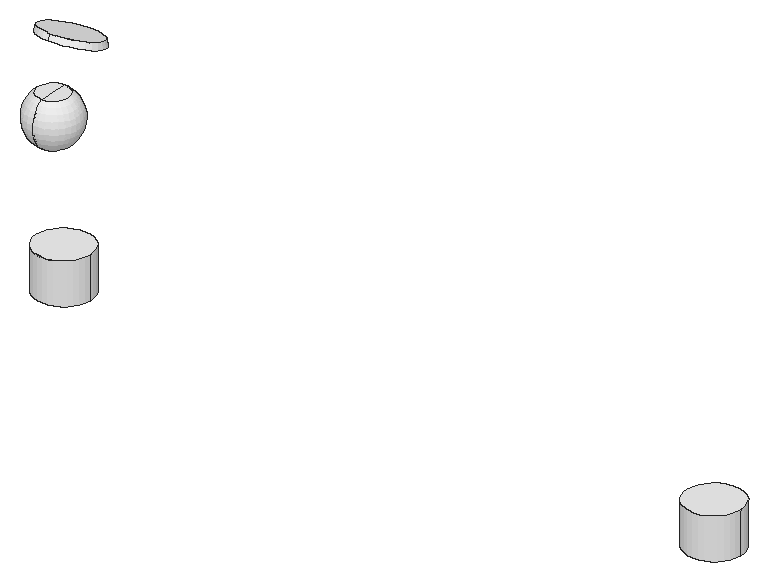
Revit family "Deca_Misturador de mesa para cozinha_Flex_1256.20", category Plumbing Fixtures, host Face, Revit 2019
Family settings
  Host = Face
  Round Connector Dimension = Use Radius
  Part Type = Normal
  Cut with Voids When Loaded = No
  Shared = No
  Room Calculation Point = No
Parameters (values of type "1256.C20_Cromado")
  Vazão na Pressão mín. (L/min) = "5 l/min"
  Vazão na Pressão máx. (L/min) = "19 l/min"
  URL = "www.deca.com.br"
  Tipo de rosca de saída = "-"
  Tipo de rosca de entrada = "BSP NBR 8133"
  Tipo de mecanismo utilizado = "MVC -1/4 volta"
  Tipo de dispositivo economizador = "Não"
  Segmento = "Banheiro Competitivo"
  Saída de Esgoto = "-"
  Raio Água Quente = 7.5 mm  # constant formula
  Raio Água Fria = 7.5 mm  # constant formula
  Pressão mín. funcionamento = "2 MCA"
  Pressão mín. Aquec. Passagem = "-"
  Pressão mín. Aquec. Acúmulo = "-"
  Pressão máx. funcionamento = "40 MCA"
  Peso Líquido (Kg) = 1.281
  Norma = "NBR16749"
  Model = "1256.C20"
  Material = Deca_Cromado
  Manufacturer = "Deca"
  Linha = "Flex"
  Itens de Instalação = "-"
  Informações Complementares = "-"
  Diâmetro Água Quente = Raio Água Quente * 2  # 15 mm
  Diâmetro Água Fria = Raio Água Fria * 2  # 15 mm
  Description = "Misturador de mesa para cozinha"
  Default Elevation = 0 mm
  Código Pai = "1256.20"
  Criado por = "quattroD"
  Cores Componente = "-"
  Cor Secundária = "-"
  Cor Principal = "Cromado"
  Cor Interna = "-"
  Consumo = "-"
  Composição Componente = "-"
  Composição Básica = "Liga de Cobre (bronze e latão),Plásticos de Engenharia,Elastômeros"
  Composição Assento = "-"
  Composição Anel Vedação = "-"
  Categoria = "METAIS PARA COZINHA"
  Atendimento ao Cliente = "0800-0117073"
  Aprovado por = "quattroD"
  Acompanha o Produto = "-"
Reference planes
  plane 1 "Center (Front/Back)": y = 0
  plane 2: z = 0
  plane 3 "Center (Left/Right)": x = 0
Forms (mm)
  SweptBlend 1, solid, material "Deca_Cromado" <- "Material"
    path origin (0, 0, 0) x (0, 1, 0) y (0, 0, 1)
      loop
        line (-122.372, 231.677) -> (-121.768, 233.338)
    profile origin (0, -122.372, 231.677) x (0, -0.939693, 0.34202) y (1, 0, 0)
      loop
        circle (0, 0) r 9.191
    end profile origin (0, -121.768, 233.338) x (0, -0.939693, 0.34202) y (1, 0, 0)
      loop
        circle (0, -0.25) r 8.728
  Revolve 2, solid, material "Deca_Cromado" <- "Material"
    sketch origin (0, 0, 0) x (0, 1, 0) y (0, 0, 1)
      loop
        line (-129.087, 206.286) -> (-129.087, 219.814) -> (-133.68, 219.814)
        arc (-133.68, 219.814) -> (-137.076, 213.05) -> (-133.68, 206.286) r 8.434
        line (-133.68, 206.286) -> (-129.087, 206.286)
      axis (-129.087, 206.286) -> (-129.087, 219.814)
    angle from 0 to 360
  Extrusion 3, solid, material "Deca_Cromado" <- "Material"
    sketch origin (0, 0, 0) x (1, 0, 0) y (0, 1, 0)
      loop
        circle (-100.065, 0) r 8.2
      loop
        circle (100.065, 0) r 8.2
    from 73.5 to 86.04
Lines and regions (mm)
  Masking region 1
    outline origin (0, 0, 0) x (1, 0, 0) y (0, 1, 0)
      loop
        line (11.6, -129.603) -> (11.6, -123.036)
        spline (11.6, -123.036) -> (11.579, -122.384) -> (11.517, -121.734) -> (11.413, -121.088) -> (11.269, -120.45) -> (11.084, -119.82) -> (10.859, -119.203) -> (10.595, -118.599) -> (10.293, -118.011) -> (9.955, -117.44) -> (9.58, -116.891) -> (9.172, -116.363) -> (8.73, -115.859)
        line (8.73, -115.859) -> (8.73, -12) -> (80.967, -12)
        arc (80.967, -12) -> (88.255, -19.191) -> (97.975, -22.409) r 22.5
        line (97.975, -22.409) -> (97.956, -27.424)
        arc (97.956, -27.424) -> (100, -27.5) -> (102.044, -27.424) r 27.5
        line (102.044, -27.424) -> (102.025, -22.409)
        arc (102.025, -22.409) -> (115.91, -15.91) -> (122.409, -2.025) r 22.5
        line (122.409, -2.025) -> (127.424, -2.044)
        arc (127.424, -2.044) -> (127.5, 0) -> (127.424, 2.044) r 27.5
        line (127.424, 2.044) -> (122.409, 2.025)
        arc (122.409, 2.025) -> (115.91, 15.91) -> (102.025, 22.409) r 22.5
        line (102.025, 22.409) -> (102.044, 27.424)
        arc (102.044, 27.424) -> (100, 27.5) -> (97.956, 27.424) r 27.5
        line (97.956, 27.424) -> (97.975, 22.409)
        arc (97.975, 22.409) -> (88.255, 19.191) -> (80.967, 12) r 22.5
        line (80.967, 12) -> (2.462, 12)
        arc (2.462, 12) -> (0, 12.25) -> (-2.462, 12) r 12.25
        line (-2.462, 12) -> (-80.967, 12)
        arc (-80.967, 12) -> (-88.255, 19.191) -> (-97.975, 22.409) r 22.5
        line (-97.975, 22.409) -> (-97.956, 27.424)
        arc (-97.956, 27.424) -> (-100, 27.5) -> (-102.044, 27.424) r 27.5
        line (-102.044, 27.424) -> (-102.025, 22.409)
        arc (-102.025, 22.409) -> (-115.91, 15.91) -> (-122.409, 2.025) r 22.5
        line (-122.409, 2.025) -> (-127.424, 2.044)
        arc (-127.424, 2.044) -> (-127.5, 0) -> (-127.424, -2.044) r 27.5
        line (-127.424, -2.044) -> (-122.409, -2.025)
        arc (-122.409, -2.025) -> (-115.91, -15.91) -> (-102.025, -22.409) r 22.5
        line (-102.025, -22.409) -> (-102.044, -27.424)
        arc (-102.044, -27.424) -> (-100, -27.5) -> (-97.956, -27.424) r 27.5
        line (-97.956, -27.424) -> (-97.975, -22.409)
        arc (-97.975, -22.409) -> (-88.255, -19.191) -> (-80.967, -12) r 22.5
        line (-80.967, -12) -> (-8.73, -12) -> (-8.73, -115.859)
        spline (-8.73, -115.859) -> (-9.172, -116.363) -> (-9.58, -116.891) -> (-9.955, -117.44) -> (-10.293, -118.011) -> (-10.595, -118.599) -> (-10.859, -119.203) -> (-11.084, -119.82) -> (-11.269, -120.45) -> (-11.413, -121.088) -> (-11.517, -121.734) -> (-11.579, -122.384) -> (-11.6, -123.036)
        line (-11.6, -123.036) -> (-11.6, -129.603)
        spline (-11.6, -129.603) -> (-11.2, -132.456) -> (-10.032, -135.107) -> (-8.18, -137.375) -> (-5.777, -139.108) -> (-2.988, -140.194) -> (0, -140.564) -> (2.988, -140.194) -> (5.777, -139.108) -> (8.18, -137.375) -> (10.032, -135.107) -> (11.2, -132.455) -> (11.6, -129.603)
  Masking region 2
    outline origin (0, 0, 0) x (1, 0, 0) y (0, 0, 1)
      loop
        line (122.5, 0) -> (122.456, 5) -> (113.3, 5) -> (113.3, 57.5) -> (113.25, 73.3)
        arc (113.25, 73.3) -> (113.104, 73.654) -> (112.75, 73.8) r 0.5
        line (112.75, 73.8) -> (108.263, 73.8) -> (108.348, 83.517)
        arc (108.348, 83.517) -> (108.94, 84.92) -> (110.348, 85.5) r 2
        line (110.348, 85.5) -> (122.5, 85.5)
        arc (122.5, 85.5) -> (127.5, 90.5) -> (122.5, 95.5) r 5
        line (122.5, 95.5) -> (77.5, 95.5)
        arc (77.5, 95.5) -> (72.5, 90.5) -> (77.5, 85.5) r 5
        line (77.5, 85.5) -> (89.652, 85.5)
        arc (89.652, 85.5) -> (91.06, 84.92) -> (91.652, 83.517) r 2
        line (91.652, 83.517) -> (91.737, 73.8) -> (87.25, 73.8)
        arc (87.25, 73.8) -> (86.896, 73.654) -> (86.75, 73.3) r 0.5
        line (86.75, 73.3) -> (86.7, 57.5) -> (86.7, 55.5)
        spline (86.7, 55.5) -> (86.67, 55.043) -> (86.58, 54.593) -> (86.433, 54.161) -> (86.231, 53.75) -> (85.977, 53.369) -> (85.674, 53.025) -> (85.33, 52.723) -> (84.95, 52.469) -> (84.538, 52.266) -> (84.105, 52.119) -> (83.656, 52.03) -> (83.2, 52)
        line (83.2, 52) -> (15.25, 52)
        spline (15.25, 52) -> (14.763, 52.065) -> (14.287, 52.193) -> (13.834, 52.381) -> (13.408, 52.628) -> (13.018, 52.927) -> (12.671, 53.276) -> (12.372, 53.667) -> (12.127, 54.092) -> (11.94, 54.547) -> (11.813, 55.021) -> (11.75, 55.509) -> (11.75, 56)
        line (11.75, 56) -> (10.975, 56.109) -> (10.975, 57.5) -> (12.25, 57.5) -> (12.25, 72.7) -> (11.45, 73.5) -> (8.73, 73.5) -> (8.73, 180.88) -> (10.6, 180.88)
        arc (10.6, 180.88) -> (11.307, 181.173) -> (11.6, 181.88) r 1
        line (11.6, 181.88) -> (11.6, 200.38) -> (10.36, 200.38) -> (8.73, 201.653) -> (8.73, 208.651)
        spline (8.73, 208.651) -> (9.343, 208.964) -> (9.843, 209.265) -> (10.238, 209.538) -> (10.537, 209.763) -> (10.754, 209.946) -> (10.921, 210.115) -> (11.065, 210.301) -> (11.214, 210.531) -> (11.362, 210.797) -> (11.488, 211.07) -> (11.573, 211.373) -> (11.6, 211.81)
        line (11.6, 211.81) -> (11.6, 229.852)
        spline (11.6, 229.852) -> (11.581, 230.078) -> (11.524, 230.304) -> (11.43, 230.528) -> (11.299, 230.75) -> (11.13, 230.969) -> (10.926, 231.185) -> (10.686, 231.396) -> (10.411, 231.602) -> (10.102, 231.802) -> (9.76, 231.996) -> (9.386, 232.183) -> (8.982, 232.362)
        line (8.982, 232.362) -> (8.73, 233.327) -> (8.73, 277.198)
        arc (8.73, 277.198) -> (0, 285.928) -> (-8.73, 277.198) r 8.73
        line (-8.73, 277.198) -> (-8.73, 233.327) -> (-8.982, 232.362)
        spline (-8.982, 232.362) -> (-9.386, 232.183) -> (-9.76, 231.996) -> (-10.102, 231.802) -> (-10.411, 231.602) -> (-10.686, 231.396) -> (-10.926, 231.185) -> (-11.13, 230.969) -> (-11.299, 230.75) -> (-11.43, 230.528) -> (-11.524, 230.304) -> (-11.581, 230.078) -> (-11.6, 229.852)
        line (-11.6, 229.852) -> (-11.6, 211.81)
        spline (-11.6, 211.81) -> (-11.573, 211.373) -> (-11.488, 211.07) -> (-11.362, 210.797) -> (-11.214, 210.531) -> (-11.065, 210.301) -> (-10.921, 210.115) -> (-10.754, 209.946) -> (-10.537, 209.763) -> (-10.238, 209.538) -> (-9.843, 209.265) -> (-9.343, 208.964) -> (-8.73, 208.651)
        line (-8.73, 208.651) -> (-8.73, 201.653) -> (-10.36, 200.38) -> (-11.6, 200.38) -> (-11.6, 181.88)
        arc (-11.6, 181.88) -> (-11.307, 181.173) -> (-10.6, 180.88) r 1
        line (-10.6, 180.88) -> (-8.73, 180.88) -> (-8.73, 73.5) -> (-11.45, 73.5) -> (-12.25, 72.7) -> (-12.25, 57.5) -> (-10.975, 57.5) -> (-10.975, 56.109) -> (-11.75, 56)
        spline (-11.75, 56) -> (-11.75, 55.509) -> (-11.813, 55.02) -> (-11.94, 54.546) -> (-12.128, 54.091) -> (-12.373, 53.665) -> (-12.672, 53.275) -> (-13.02, 52.926) -> (-13.409, 52.627) -> (-13.835, 52.381) -> (-14.288, 52.192) -> (-14.763, 52.065) -> (-15.25, 52)
        line (-15.25, 52) -> (-83.2, 52)
        spline (-83.2, 52) -> (-83.656, 52.03) -> (-84.105, 52.119) -> (-84.538, 52.266) -> (-84.95, 52.469) -> (-85.33, 52.723) -> (-85.674, 53.025) -> (-85.976, 53.369) -> (-86.231, 53.749) -> (-86.433, 54.161) -> (-86.58, 54.593) -> (-86.67, 55.043) -> (-86.7, 55.5)
        line (-86.7, 55.5) -> (-86.7, 57.5) -> (-86.75, 73.3)
        arc (-86.75, 73.3) -> (-86.896, 73.654) -> (-87.25, 73.8) r 0.5
        line (-87.25, 73.8) -> (-91.737, 73.8) -> (-91.652, 83.517)
        arc (-91.652, 83.517) -> (-91.06, 84.92) -> (-89.652, 85.5) r 2
        line (-89.652, 85.5) -> (-77.5, 85.5)
        arc (-77.5, 85.5) -> (-72.5, 90.5) -> (-77.5, 95.5) r 5
        line (-77.5, 95.5) -> (-122.5, 95.5)
        arc (-122.5, 95.5) -> (-127.5, 90.5) -> (-122.5, 85.5) r 5
        line (-122.5, 85.5) -> (-110.348, 85.5)
        arc (-110.348, 85.5) -> (-108.94, 84.92) -> (-108.348, 83.517) r 2
        line (-108.348, 83.517) -> (-108.263, 73.8) -> (-112.75, 73.8)
        arc (-112.75, 73.8) -> (-113.104, 73.654) -> (-113.25, 73.3) r 0.5
        line (-113.25, 73.3) -> (-113.3, 57.5) -> (-113.3, 5) -> (-122.456, 5) -> (-122.5, 0) -> (-77.5, 0) -> (-77.544, 5) -> (-86.7, 5) -> (-86.7, 24.5)
        spline (-86.7, 24.5) -> (-86.67, 24.956) -> (-86.581, 25.405) -> (-86.434, 25.838) -> (-86.231, 26.25) -> (-85.977, 26.63) -> (-85.675, 26.974) -> (-85.331, 27.277) -> (-84.95, 27.531) -> (-84.539, 27.734) -> (-84.107, 27.88) -> (-83.657, 27.97) -> (-83.2, 28)
        line (-83.2, 28) -> (83.2, 28)
        spline (83.2, 28) -> (83.657, 27.97) -> (84.107, 27.88) -> (84.539, 27.734) -> (84.95, 27.531) -> (85.331, 27.277) -> (85.675, 26.974) -> (85.977, 26.63) -> (86.231, 26.25) -> (86.434, 25.838) -> (86.581, 25.405) -> (86.67, 24.956) -> (86.7, 24.5)
        line (86.7, 24.5) -> (86.7, 5) -> (77.544, 5) -> (77.5, 0) -> (122.5, 0)
  Masking region 3
    outline origin (0, 0, 0) x (0, 1, 0) y (0, 0, 1)
      loop
        line (22.5, 0) -> (22.456, 5) -> (13.3, 5) -> (13.3, 57.5) -> (13.25, 73.3)
        arc (13.25, 73.3) -> (13.104, 73.654) -> (12.75, 73.8) r 0.5
        line (12.75, 73.8) -> (8.73, 73.8) -> (8.73, 84.676)
        arc (8.73, 84.676) -> (9.44, 85.282) -> (10.348, 85.5) r 2
        line (10.348, 85.5) -> (22.5, 85.5)
        arc (22.5, 85.5) -> (27.5, 90.5) -> (22.5, 95.5) r 5
        line (22.5, 95.5) -> (8.73, 95.5) -> (8.73, 214.968)
        arc (8.73, 214.968) -> (-49.908, 284.85) -> (-128.911, 239.238) r 70.96
        line (-128.911, 239.238) -> (-129.975, 236.313)
        arc (-129.975, 236.313) -> (-130.397, 235.502) -> (-131.014, 234.829) r 3.5
        line (-131.014, 234.829) -> (-132.738, 233.383) -> (-133.937, 233.819) -> (-140.504, 215.777)
        arc (-140.504, 215.777) -> (-140.47, 215.013) -> (-139.906, 214.495) r 1
        line (-139.906, 214.495) -> (-137.046, 213.454)
        spline (-137.046, 213.454) -> (-137.072, 212.765) -> (-137.038, 212.076) -> (-136.945, 211.392) -> (-136.793, 210.719) -> (-136.584, 210.061) -> (-136.319, 209.424) -> (-135.999, 208.813) -> (-135.628, 208.231) -> (-135.208, 207.683) -> (-134.742, 207.174) -> (-134.234, 206.707) -> (-133.687, 206.286)
        line (-133.687, 206.286) -> (-133.687, 204.88) -> (-139.447, 200.38) -> (-140.687, 200.38) -> (-140.687, 181.88)
        arc (-140.687, 181.88) -> (-140.394, 181.173) -> (-139.687, 180.88) r 1
        line (-139.687, 180.88) -> (-118.487, 180.88)
        arc (-118.487, 180.88) -> (-117.78, 181.173) -> (-117.487, 181.88) r 1
        line (-117.487, 181.88) -> (-117.487, 200.38) -> (-118.728, 200.38) -> (-124.487, 204.88) -> (-124.487, 206.286) -> (-122.576, 208.188) -> (-119.985, 207.245)
        arc (-119.985, 207.245) -> (-119.22, 207.278) -> (-118.703, 207.842) r 1
        line (-118.703, 207.842) -> (-112.136, 225.884) -> (-113.335, 226.321) -> (-113.726, 228.536)
        arc (-113.726, 228.536) -> (-113.766, 229.449) -> (-113.568, 230.341) r 3.5
        line (-113.568, 230.341) -> (-112.504, 233.266)
        arc (-112.504, 233.266) -> (-52.94, 267.655) -> (-8.73, 214.968) r 53.5
        line (-8.73, 214.968) -> (-8.73, 95.5) -> (-22.5, 95.5)
        arc (-22.5, 95.5) -> (-27.5, 90.5) -> (-22.5, 85.5) r 5
        line (-22.5, 85.5) -> (-10.348, 85.5)
        arc (-10.348, 85.5) -> (-9.44, 85.282) -> (-8.73, 84.676) r 2
        line (-8.73, 84.676) -> (-8.73, 73.8) -> (-12.75, 73.8)
        arc (-12.75, 73.8) -> (-13.104, 73.654) -> (-13.25, 73.3) r 0.5
        line (-13.25, 73.3) -> (-13.3, 57.5) -> (-13.3, 5) -> (-22.456, 5) -> (-22.5, 0) -> (22.5, 0)
  symbolic lines, style "PlumbingFixtures"
    curve 1: arc (-86.887, 2.225, 0) -> (-90.595, 9.405, 0) -> (-97.775, 13.113, 0) r 13.3
    curve 2: arc (-97.775, -13.113, 0) -> (-90.595, -9.405, 0) -> (-86.887, -2.225, 0) r 13.3
    curve 3: arc (-113.113, -2.225, 0) -> (-109.405, -9.405, 0) -> (-102.225, -13.113, 0) r 13.3
    curve 4: arc (-102.225, 13.113, 0) -> (-109.405, 9.405, 0) -> (-113.113, 2.225, 0) r 13.3
    curve 5: arc (102.27, -13.105, 0) -> (109.405, -9.405, 0) -> (113.105, -2.27, 0) r 13.3
    curve 6: arc (113.105, 2.27, 0) -> (109.405, 9.405, 0) -> (102.27, 13.105, 0) r 13.3
    curve 7: arc (97.73, 13.105, 0) -> (90.595, 9.405, 0) -> (86.895, 2.27, 0) r 13.3
    curve 8: arc (86.895, -2.27, 0) -> (90.595, -9.405, 0) -> (97.73, -13.105, 0) r 13.3
    curve 9: arc (-94.87, 12.271, 0) -> (-94.208, 12.068, 0) -> (-93.52, 12, 0) r 3.5
    curve 10: arc (-93.52, -12, 0) -> (-94.208, -12.068, 0) -> (-94.87, -12.271, 0) r 3.5
    curve 11: arc (93.52, 12, 0) -> (94.208, 12.068, 0) -> (94.87, 12.271, 0) r 3.5
    curve 12: arc (94.87, -12.271, 0) -> (94.208, -12.068, 0) -> (93.52, -12, 0) r 3.5
    curve 13: arc (8.73, 0, 0) -> (0, 8.73, 0) -> (-8.73, 0, 0) r 8.73
    curve 14: arc (80.967, -12, 0) -> (88.266, -19.198, 0) -> (98, -22.411, 0) r 22.5
    curve 15: arc (97.975, 22.409, 0) -> (88.255, 19.191, 0) -> (80.967, 12, 0) r 22.5
    curve 16: arc (122.409, 2.025, 0) -> (115.901, 15.919, 0) -> (102, 22.411, 0) r 22.5
    curve 17: arc (102.025, -22.409, 0) -> (115.919, -15.901, 0) -> (122.411, -2, 0) r 22.5
    curve 18: arc (-97.975, -22.409, 0) -> (-88.255, -19.191, 0) -> (-80.967, -12, 0) r 22.5
    curve 19: arc (-122.411, -2, 0) -> (-115.91, -15.91, 0) -> (-102, -22.411, 0) r 22.5
    curve 20: arc (-102.025, 22.409, 0) -> (-115.919, 15.901, 0) -> (-122.411, 2, 0) r 22.5
    curve 21: arc (-80.967, 12, 0) -> (-88.255, 19.191, 0) -> (-97.975, 22.409, 0) r 22.5
    curve 22: arc (98, -15.572, 0) -> (94.025, -5.975, 0) -> (84.428, -2, 0) r 13.572
    curve 23: arc (115.572, -2, 0) -> (105.975, -5.975, 0) -> (102, -15.572, 0) r 13.572
    curve 24: arc (102, 15.572, 0) -> (105.975, 5.975, 0) -> (115.572, 2, 0) r 13.572
    curve 25: arc (84.428, 2, 0) -> (94.025, 5.975, 0) -> (98, 15.572, 0) r 13.572
    curve 26: line (102, -22.411, 0) -> (102.044, -27.424, 0)
    curve 27: line (122.411, -2, 0) -> (127.424, -2.044, 0)
    curve 28: line (102.044, 27.424, 0) -> (102, 22.411, 0)
    curve 29: arc (102.044, 15.572, 0) -> (106.006, 6.006, 0) -> (115.572, 2.044, 0) r 13.528
    curve 30: line (122.411, 2, 0) -> (127.424, 2.044, 0)
    curve 31: line (72.576, 2.044, 0) -> (77.589, 2, 0)
    curve 32: arc (84.428, 2.044, 0) -> (93.994, 6.006, 0) -> (97.956, 15.572, 0) r 13.528
    curve 33: line (98, 22.411, 0) -> (97.956, 27.424, 0)
    curve 34: line (97.956, -27.424, 0) -> (98, -22.411, 0)
    curve 35: arc (97.956, -15.572, 0) -> (93.994, -6.006, 0) -> (84.428, -2.044, 0) r 13.528
    curve 36: line (77.589, -2, 0) -> (72.576, -2.044, 0)
    curve 37: arc (115.572, -2.044, 0) -> (106.006, -6.006, 0) -> (102.044, -15.572, 0) r 13.528
    curve 38: arc (72.576, 2.044, 0) -> (72.5, 0, 0) -> (72.576, -2.044, 0) r 27.5
    curve 39: arc (97.956, -27.424, 0) -> (100, -27.5, 0) -> (102.044, -27.424, 0) r 27.5
    curve 40: arc (102.044, 27.424, 0) -> (100, 27.5, 0) -> (97.956, 27.424, 0) r 27.5
    curve 41: arc (127.424, -2.044, 0) -> (127.5, 0, 0) -> (127.424, 2.044, 0) r 27.5
    curve 42: arc (-102, -15.572, 0) -> (-105.975, -5.975, 0) -> (-115.572, -2, 0) r 13.572
    curve 43: arc (-84.428, -2, 0) -> (-94.025, -5.975, 0) -> (-98, -15.572, 0) r 13.572
    curve 44: arc (-98, 15.572, 0) -> (-94.025, 5.975, 0) -> (-84.428, 2, 0) r 13.572
    curve 45: arc (-115.572, 2, 0) -> (-105.975, 5.975, 0) -> (-102, 15.572, 0) r 13.572
    curve 46: line (-98, -22.411, 0) -> (-97.956, -27.424, 0)
    curve 47: line (-77.589, -2, 0) -> (-72.576, -2.044, 0)
    curve 48: line (-97.956, 27.424, 0) -> (-98, 22.411, 0)
    curve 49: arc (-97.956, 15.572, 0) -> (-93.994, 6.006, 0) -> (-84.428, 2.044, 0) r 13.528
    curve 50: line (-77.589, 2, 0) -> (-72.576, 2.044, 0)
    curve 51: line (-127.424, 2.044, 0) -> (-122.411, 2, 0)
    curve 52: arc (-115.572, 2.044, 0) -> (-106.006, 6.006, 0) -> (-102.044, 15.572, 0) r 13.528
    curve 53: line (-102, 22.411, 0) -> (-102.044, 27.424, 0)
    curve 54: line (-102.044, -27.424, 0) -> (-102, -22.411, 0)
    curve 55: arc (-102.044, -15.572, 0) -> (-106.006, -6.006, 0) -> (-115.572, -2.044, 0) r 13.528
    curve 56: line (-122.411, -2, 0) -> (-127.424, -2.044, 0)
    curve 57: arc (-84.428, -2.044, 0) -> (-93.994, -6.006, 0) -> (-97.956, -15.572, 0) r 13.528
    curve 58: arc (-127.424, 2.044, 0) -> (-127.5, 0, 0) -> (-127.424, -2.044, 0) r 27.5
    curve 59: arc (-102.044, -27.424, 0) -> (-100, -27.5, 0) -> (-97.956, -27.424, 0) r 27.5
    curve 60: arc (-97.956, 27.424, 0) -> (-100, 27.5, 0) -> (-102.044, 27.424, 0) r 27.5
    curve 61: arc (-72.576, -2.044, 0) -> (-72.5, 0, 0) -> (-72.576, 2.044, 0) r 27.5
    curve 62: arc (102.28, -13.052, 0) -> (109.369, -9.369, 0) -> (113.052, -2.28, 0) r 13.25
    curve 63: arc (113.052, 2.28, 0) -> (109.369, 9.369, 0) -> (102.28, 13.052, 0) r 13.25
    curve 64: arc (97.72, 13.052, 0) -> (90.631, 9.369, 0) -> (86.948, 2.28, 0) r 13.25
    curve 65: arc (86.948, -2.28, 0) -> (90.631, -9.369, 0) -> (97.72, -13.052, 0) r 13.25
    curve 66: arc (-97.72, -13.052, 0) -> (-90.631, -9.369, 0) -> (-86.948, -2.28, 0) r 13.25
    curve 67: arc (-86.948, 2.28, 0) -> (-90.631, 9.369, 0) -> (-97.72, 13.052, 0) r 13.25
    curve 68: arc (-102.28, 13.052, 0) -> (-109.369, 9.369, 0) -> (-113.052, 2.28, 0) r 13.25
    curve 69: arc (-113.052, -2.28, 0) -> (-109.369, -9.369, 0) -> (-102.28, -13.052, 0) r 13.25
    curve 70: arc (8.73, -8.594, 0) -> (0, 12.25, 0) -> (-8.73, -8.594, 0) r 12.25
    curve 71: arc (8.73, -7.409, 0) -> (0, 11.45, 0) -> (-8.73, -7.409, 0) r 11.45
    curve 72: arc (-6.836, -138.459, 0) -> (0, -140.687, 0) -> (6.836, -138.459, 0) r 11.6
    curve 73: spline (-8.73, -115.859, 0) -> (-10.947, -119.43, 0) -> (-11.589, -123.52, 0) -> (-10.563, -127.541, 0) -> (-8.018, -130.913, 0) -> (-4.32, -133.153, 0) -> (0, -133.937, 0) -> (4.32, -133.153, 0) -> (8.018, -130.913, 0) -> (10.563, -127.541, 0) -> (11.589, -123.52, 0) -> (10.947, -119.43, 0) -> (8.73, -115.859, 0)
    curve 74: line (-93.52, 12, 0) -> (-2.462, 12, 0)
    curve 75: line (2.462, 12, 0) -> (93.52, 12, 0)
    curve 76: line (-93.52, -12, 0) -> (-8.73, -12, 0)
    curve 77: line (8.73, -12, 0) -> (93.52, -12, 0)
    curve 78: line (8.73, 0, 0) -> (8.73, -121.772, 0)
    curve 79: line (-8.73, 0, 0) -> (-8.73, -121.772, 0)
    curve 80: line (77.589, -2, 0) -> (84.428, -2, 0)
    curve 81: line (84.428, -2, 0) -> (72.576, -2.044, 0)
    curve 82: line (97.956, -27.424, 0) -> (98, -15.572, 0)
    curve 83: line (98, -15.572, 0) -> (98, -22.411, 0)
    curve 84: line (102, -22.411, 0) -> (102, -15.572, 0)
    curve 85: line (102, -15.572, 0) -> (102.044, -27.424, 0)
    curve 86: line (127.424, -2.044, 0) -> (115.572, -2, 0)
    curve 87: line (115.572, -2, 0) -> (122.411, -2, 0)
    curve 88: line (122.411, 2, 0) -> (115.572, 2, 0)
    curve 89: line (115.572, 2, 0) -> (127.424, 2.044, 0)
    curve 90: line (102.044, 27.424, 0) -> (102, 15.572, 0)
    curve 91: line (102, 15.572, 0) -> (102, 22.411, 0)
    curve 92: line (98, 22.411, 0) -> (98, 15.572, 0)
    curve 93: line (98, 15.572, 0) -> (97.956, 27.424, 0)
    curve 94: line (72.576, 2.044, 0) -> (84.428, 2, 0)
    curve 95: line (84.428, 2, 0) -> (77.589, 2, 0)
    curve 96: line (-122.411, -2, 0) -> (-115.572, -2, 0)
    curve 97: line (-115.572, -2, 0) -> (-127.424, -2.044, 0)
    curve 98: line (-102.044, -27.424, 0) -> (-102, -15.572, 0)
    curve 99: line (-102, -15.572, 0) -> (-102, -22.411, 0)
    curve 100: line (-98, -22.411, 0) -> (-98, -15.572, 0)
    curve 101: line (-98, -15.572, 0) -> (-97.956, -27.424, 0)
    curve 102: line (-72.576, -2.044, 0) -> (-84.428, -2, 0)
    curve 103: line (-84.428, -2, 0) -> (-77.589, -2, 0)
    curve 104: line (-77.589, 2, 0) -> (-84.428, 2, 0)
    curve 105: line (-84.428, 2, 0) -> (-72.576, 2.044, 0)
    curve 106: line (-97.956, 27.424, 0) -> (-98, 15.572, 0)
    curve 107: line (-98, 15.572, 0) -> (-98, 22.411, 0)
    curve 108: line (-102, 22.411, 0) -> (-102, 15.572, 0)
    curve 109: line (-102, 15.572, 0) -> (-102.044, 27.424, 0)
    curve 110: line (-127.424, 2.044, 0) -> (-115.572, 2, 0)
    curve 111: line (-115.572, 2, 0) -> (-122.411, 2, 0)
    curve 112: line (11.6, -123.036, 0) -> (11.6, -129.603, 0)
    curve 113: line (-11.6, -123.036, 0) -> (-11.6, -129.603, 0)
    curve 114: line (11.6, -129.603, 0) -> (-11.6, -129.603, 0)
    curve 115: line (15.25, 0, 52) -> (11.75, 0, 55.5)
    curve 116: line (-11.75, 0, 55.5) -> (-15.25, 0, 52)
    curve 117: line (86.7, 0, 55.5) -> (83.2, 0, 52)
    curve 118: line (83.2, 0, 28) -> (86.7, 0, 24.5)
    curve 119: line (-83.2, 0, 52) -> (-86.7, 0, 55.5)
    curve 120: line (-86.7, 0, 24.5) -> (-83.2, 0, 28)
    curve 121: line (-8.73, 0, 233.327) -> (-8.982, 0, 232.362)
    curve 122: line (8.982, 0, 232.362) -> (8.73, 0, 233.327)
    curve 123: arc (-8.73, 0, 277.198) -> (0, 0, 285.928) -> (8.73, 0, 277.198) r 8.73
    curve 124: line (-109.814, 0, 85.5) -> (-103.282, 0, 85.5)
    curve 125: line (-96.718, 0, 85.5) -> (-90.186, 0, 85.5)
    curve 126: arc (-77.5, 0, 95.5) -> (-72.5, 0, 90.5) -> (-77.5, 0, 85.5) r 5
    curve 127: arc (-122.5, 0, 85.5) -> (-127.5, 0, 90.5) -> (-122.5, 0, 95.5) r 5
    curve 128: arc (-91.652, 0, 83.517) -> (-91.06, 0, 84.92) -> (-89.652, 0, 85.5) r 2
    curve 129: arc (-110.348, 0, 85.5) -> (-108.94, 0, 84.92) -> (-108.348, 0, 83.517) r 2
    curve 130: line (90.186, 0, 85.5) -> (96.718, 0, 85.5)
    curve 131: line (103.282, 0, 85.5) -> (109.814, 0, 85.5)
    curve 132: arc (122.5, 0, 95.5) -> (127.5, 0, 90.5) -> (122.5, 0, 85.5) r 5
    curve 133: arc (77.5, 0, 85.5) -> (72.5, 0, 90.5) -> (77.5, 0, 95.5) r 5
    curve 134: arc (108.348, 0, 83.517) -> (108.94, 0, 84.92) -> (110.348, 0, 85.5) r 2
    curve 135: arc (89.652, 0, 85.5) -> (91.06, 0, 84.92) -> (91.652, 0, 83.517) r 2
    curve 136: arc (-113.25, 0, 73.3) -> (-113.104, 0, 73.654) -> (-112.75, 0, 73.8) r 0.5
    curve 137: arc (-87.25, 0, 73.8) -> (-86.896, 0, 73.654) -> (-86.75, 0, 73.3) r 0.5
    curve 138: arc (86.75, 0, 73.3) -> (86.896, 0, 73.654) -> (87.25, 0, 73.8) r 0.5
    curve 139: arc (112.75, 0, 73.8) -> (113.104, 0, 73.654) -> (113.25, 0, 73.3) r 0.5
    curve 140: arc (11.6, 0, 181.88) -> (11.307, 0, 181.173) -> (10.6, 0, 180.88) r 1
    curve 141: arc (-10.6, 0, 180.88) -> (-11.307, 0, 181.173) -> (-11.6, 0, 181.88) r 1
    curve 142: spline (-11.6, 0, 229.852) -> (-11.205, 0, 230.879) -> (-10.046, 0, 231.836) -> (-8.202, 0, 232.657) -> (-5.8, 0, 233.288) -> (-3.002, 0, 233.684) -> (0, 0, 233.819) -> (3.002, 0, 233.684) -> (5.8, 0, 233.288) -> (8.202, 0, 232.657) -> (10.046, 0, 231.836) -> (11.205, 0, 230.879) -> (11.6, 0, 229.852)
    curve 143: line (11.6, 0, 211.81) -> (6.261, 0, 207.855)
    curve 144: line (-6.261, 0, 207.855) -> (-11.6, 0, 211.81)
    curve 145: line (-4.6, 0, 206.286) -> (-7.66, 0, 210.558)
    curve 146: line (4.6, 0, 206.286) -> (7.66, 0, 210.558)
    curve 147: line (11.75, 0, 56) -> (-11.75, 0, 56)
    curve 148: line (113.3, 0, 5) -> (113.3, 0, 57.5)
    curve 149: line (113.3, 0, 57.5) -> (86.7, 0, 57.5)
    curve 150: line (86.7, 0, 57.5) -> (86.7, 0, 55.5)
    curve 151: line (-15.25, 0, 52) -> (-83.2, 0, 52)
    curve 152: line (-113.3, 0, 5) -> (-113.3, 0, 57.5)
    curve 153: line (-113.3, 0, 57.5) -> (-86.7, 0, 57.5)
    curve 154: line (-86.7, 0, 57.5) -> (-86.7, 0, 55.5)
    curve 155: line (-10.975, 0, 57.5) -> (-10.975, 0, 56)
    curve 156: line (10.975, 0, 57.5) -> (10.975, 0, 56)
    curve 157: line (86.7, 0, 24.5) -> (86.7, 0, 5)
    curve 158: line (-86.7, 0, 5) -> (-86.7, 0, 24.5)
    curve 159: line (83.2, 0, 52) -> (15.25, 0, 52)
    curve 160: line (83.2, 0, 28) -> (-83.2, 0, 28)
    curve 161: line (-8.73, 0, 277.198) -> (-8.73, 0, 233.327)
    curve 162: line (8.73, 0, 277.198) -> (8.73, 0, 233.327)
    curve 163: line (8.73, 0, 73.5) -> (8.73, 0, 180.88)
    curve 164: line (8.73, 0, 201.653) -> (8.73, 0, 208.651)
    curve 165: line (-8.73, 0, 73.5) -> (-8.73, 0, 180.88)
    curve 166: line (-8.73, 0, 201.653) -> (-8.73, 0, 208.651)
    curve 167: line (-77.541, 0, 4.703) -> (-77.5, 0, 0)
    curve 168: line (-77.5, 0, 0) -> (-122.5, 0, 0)
    curve 169: line (-122.5, 0, 0) -> (-122.459, 0, 4.703)
    curve 170: line (-77.841, 0, 5) -> (-122.159, 0, 5)
    curve 171: line (122.459, 0, 4.703) -> (122.5, 0, 0)
    curve 172: line (122.5, 0, 0) -> (77.5, 0, 0)
    curve 173: line (77.5, 0, 0) -> (77.541, 0, 4.703)
    curve 174: line (122.159, 0, 5) -> (77.841, 0, 5)
    curve 175: line (-77.5, 0, 95.5) -> (-122.5, 0, 95.5)
    curve 176: line (-102, 0, 95.5) -> (-102.044, 0, 90.5)
    curve 177: line (-102.044, 0, 90.5) -> (-102, 0, 85.5)
    curve 178: line (-98, 0, 85.5) -> (-97.956, 0, 90.5)
    curve 179: line (-97.956, 0, 90.5) -> (-98, 0, 95.5)
    curve 180: line (-77.5, 0, 85.5) -> (-90.186, 0, 85.5)
    curve 181: line (-96.718, 0, 85.5) -> (-103.282, 0, 85.5)
    curve 182: line (-109.814, 0, 85.5) -> (-122.5, 0, 85.5)
    curve 183: line (-91.737, 0, 73.8) -> (-91.652, 0, 83.517)
    curve 184: line (-108.263, 0, 73.8) -> (-108.348, 0, 83.517)
    curve 185: line (122.5, 0, 95.5) -> (77.5, 0, 95.5)
    curve 186: line (98, 0, 95.5) -> (97.956, 0, 90.5)
    curve 187: line (97.956, 0, 90.5) -> (98, 0, 85.5)
    curve 188: line (102, 0, 85.5) -> (102.044, 0, 90.5)
    curve 189: line (102.044, 0, 90.5) -> (102, 0, 95.5)
    curve 190: line (122.5, 0, 85.5) -> (109.814, 0, 85.5)
    curve 191: line (103.282, 0, 85.5) -> (96.718, 0, 85.5)
    curve 192: line (90.186, 0, 85.5) -> (77.5, 0, 85.5)
    curve 193: line (108.263, 0, 73.8) -> (108.348, 0, 83.517)
    curve 194: line (91.737, 0, 73.8) -> (91.652, 0, 83.517)
    curve 195: line (-112.75, 0, 73.8) -> (-87.25, 0, 73.8)
    curve 196: line (-86.75, 0, 57.5) -> (-86.75, 0, 73.3)
    curve 197: line (-113.25, 0, 57.5) -> (-113.25, 0, 73.3)
    curve 198: line (87.25, 0, 73.8) -> (112.75, 0, 73.8)
    curve 199: line (113.25, 0, 57.5) -> (113.25, 0, 73.3)
    curve 200: line (86.75, 0, 57.5) -> (86.75, 0, 73.3)
    curve 201: line (-12.25, 0, 57.5) -> (12.25, 0, 57.5)
    curve 202: line (12.25, 0, 57.5) -> (12.25, 0, 72.7)
    curve 203: line (12.25, 0, 72.7) -> (-12.25, 0, 72.7)
    curve 204: line (-12.25, 0, 72.7) -> (-12.25, 0, 57.5)
    curve 205: line (12.25, 0, 72.7) -> (11.45, 0, 73.5)
    curve 206: line (11.45, 0, 73.5) -> (-11.45, 0, 73.5)
    curve 207: line (-11.45, 0, 73.5) -> (-12.25, 0, 72.7)
    curve 208: line (11.6, 0, 181.88) -> (11.6, 0, 200.38)
    curve 209: line (11.6, 0, 200.38) -> (-11.6, 0, 200.38)
    curve 210: line (-11.6, 0, 200.38) -> (-11.6, 0, 181.88)
    curve 211: line (10.6, 0, 180.88) -> (-10.6, 0, 180.88)
    curve 212: line (-11.6, 0, 229.852) -> (-11.6, 0, 211.81)
    curve 213: line (11.6, 0, 229.852) -> (11.6, 0, 211.81)
    curve 214: line (10.104, 0, 200.58) -> (-10.104, 0, 200.58)
    curve 215: line (4.6, 0, 206.286) -> (-4.6, 0, 206.286)
    curve 216: line (-4.6, 0, 206.286) -> (-4.6, 0, 204.88)
    curve 217: line (-4.6, 0, 204.88) -> (4.6, 0, 204.88)
    curve 218: line (4.6, 0, 204.88) -> (4.6, 0, 206.286)
    curve 219: line (-4.6, 0, 204.88) -> (-10.104, 0, 200.58)
    curve 220: line (4.6, 0, 204.88) -> (10.104, 0, 200.58)
    curve 221: spline (-11.6, 0, 211.771) -> (-11.205, 0, 212.798) -> (-10.046, 0, 213.755) -> (-8.202, 0, 214.577) -> (-5.8, 0, 215.207) -> (-3.002, 0, 215.604) -> (0, 0, 215.739) -> (3.002, 0, 215.604) -> (5.8, 0, 215.207) -> (8.202, 0, 214.577) -> (10.046, 0, 213.755) -> (11.205, 0, 212.798) -> (11.6, 0, 211.771)
    curve 222: arc (0, -113.726, 228.536) -> (0, -113.766, 229.449) -> (0, -113.568, 230.341) r 3.5
    curve 223: arc (0, -129.975, 236.313) -> (0, -130.397, 235.502) -> (0, -131.014, 234.829) r 3.5
    curve 224: arc (0, -128.911, 239.238) -> (0, -49.908, 284.85) -> (0, 8.73, 214.968) r 70.96
    curve 225: arc (0, -112.504, 233.266) -> (0, -52.94, 267.655) -> (0, -8.73, 214.968) r 53.5
    curve 226: line (0, 9.814, 85.5) -> (0, 3.282, 85.5)
    curve 227: line (0, -9.814, 85.5) -> (0, -3.282, 85.5)
    curve 228: arc (0, -22.5, 85.5) -> (0, -27.5, 90.5) -> (0, -22.5, 95.5) r 5
    curve 229: arc (0, 22.5, 95.5) -> (0, 27.5, 90.5) -> (0, 22.5, 85.5) r 5
    curve 230: arc (0, 8.348, 83.517) -> (0, 8.94, 84.92) -> (0, 10.348, 85.5) r 2
    curve 231: arc (0, -10.348, 85.5) -> (0, -8.94, 84.92) -> (0, -8.348, 83.517) r 2
    curve 232: arc (0, -13.25, 73.3) -> (0, -13.104, 73.654) -> (0, -12.75, 73.8) r 0.5
    curve 233: arc (0, 12.75, 73.8) -> (0, 13.104, 73.654) -> (0, 13.25, 73.3) r 0.5
    curve 234: arc (0, -117.487, 181.88) -> (0, -117.78, 181.173) -> (0, -118.487, 180.88) r 1
    curve 235: arc (0, -139.687, 180.88) -> (0, -140.394, 181.173) -> (0, -140.687, 181.88) r 1
    curve 236: arc (0, -118.703, 207.842) -> (0, -119.22, 207.278) -> (0, -119.985, 207.245) r 1
    curve 237: arc (0, -139.906, 214.495) -> (0, -140.47, 215.013) -> (0, -140.504, 215.777) r 1
    curve 238: line (0, -133.687, 206.286) -> (0, -137.046, 213.454)
    curve 239: line (0, -124.487, 206.286) -> (0, -122.576, 208.188)
    curve 240: line (0, 13.3, 5) -> (0, 13.3, 57.5)
    curve 241: line (0, 13.3, 57.5) -> (0, -13.3, 57.5)
    curve 242: line (0, -13.3, 57.5) -> (0, -13.3, 5)
    curve 243: line (0, -131.014, 234.829) -> (0, -132.738, 233.383)
    curve 244: line (0, -113.726, 228.536) -> (0, -113.335, 226.321)
    curve 245: line (0, -128.911, 239.238) -> (0, -129.975, 236.313)
    curve 246: line (0, -112.504, 233.266) -> (0, -113.568, 230.341)
    curve 247: line (0, 8.73, 73.8) -> (0, 8.73, 84.676)
    curve 248: line (0, 8.73, 95.5) -> (0, 8.73, 214.968)
    curve 249: line (0, -8.73, 73.8) -> (0, -8.73, 84.676)
    curve 250: line (0, -8.73, 95.5) -> (0, -8.73, 214.968)
    curve 251: line (0, 22.459, 4.703) -> (0, 22.5, 0)
    curve 252: line (0, 22.5, 0) -> (0, -22.5, 0)
    curve 253: line (0, -22.5, 0) -> (0, -22.459, 4.703)
    curve 254: line (0, 22.159, 5) -> (0, -22.159, 5)
    curve 255: line (0, 22.5, 95.5) -> (0, -22.5, 95.5)
    curve 256: line (0, 2, 85.5) -> (0, 2.044, 90.5)
    curve 257: line (0, 2.044, 90.5) -> (0, 2, 95.5)
    curve 258: line (0, -2, 95.5) -> (0, -2.044, 90.5)
    curve 259: line (0, -2.044, 90.5) -> (0, -2, 85.5)
    curve 260: line (0, 22.5, 85.5) -> (0, 9.814, 85.5)
    curve 261: line (0, 3.282, 85.5) -> (0, -3.282, 85.5)
    curve 262: line (0, -9.814, 85.5) -> (0, -22.5, 85.5)
    curve 263: line (0, 8.263, 73.8) -> (0, 8.348, 83.517)
    curve 264: line (0, -8.263, 73.8) -> (0, -8.348, 83.517)
    curve 265: line (0, -12.75, 73.8) -> (0, 12.75, 73.8)
    curve 266: line (0, 13.25, 57.5) -> (0, 13.25, 73.3)
    curve 267: line (0, -13.25, 57.5) -> (0, -13.25, 73.3)
    curve 268: line (0, -117.487, 181.88) -> (0, -117.487, 200.38)
    curve 269: line (0, -117.487, 200.38) -> (0, -140.687, 200.38)
    curve 270: line (0, -140.687, 200.38) -> (0, -140.687, 181.88)
    curve 271: line (0, -118.487, 180.88) -> (0, -139.687, 180.88)
    curve 272: line (0, -118.703, 207.842) -> (0, -112.136, 225.884)
    curve 273: line (0, -112.136, 225.884) -> (0, -133.937, 233.819)
    curve 274: line (0, -133.937, 233.819) -> (0, -140.504, 215.777)
    curve 275: line (0, -119.985, 207.245) -> (0, -139.906, 214.495)
    curve 276: line (0, -118.984, 200.58) -> (0, -139.191, 200.58)
    curve 277: line (0, -124.487, 206.286) -> (0, -133.687, 206.286)
    curve 278: line (0, -133.687, 206.286) -> (0, -133.687, 204.88)
    curve 279: line (0, -133.687, 204.88) -> (0, -124.487, 204.88)
    curve 280: line (0, -124.487, 204.88) -> (0, -124.487, 206.286)
    curve 281: line (0, -133.687, 204.88) -> (0, -139.191, 200.58)
    curve 282: line (0, -124.487, 204.88) -> (0, -118.984, 200.58)
Dimensions and locks
  aligned and locked: plane 2 to host face
  aligned and locked: level to host face
Connectors
  piping at (100, 0, 0), diameter 15, driven by "Raio Água Fria"
    settings: on free form element, index 1, connector inside diameter 609.6 mm, connector length 0 mm, flow factor 0, pipe flow 0.0 L/s, pressure drop 0.0 Pa, fitting loss kfactor 0, connector angle 0.00°, fixture units 0, engagement length 0 mm, angle of deflection 0.00°, flow configuration 3, flow direction 1, fitting loss method 4, system type 20, joint type 0, gender type 0, connector reference index -1, connector utility 0, adjustable connector no, is connector primary yes, connector description ""
  piping at (-100, 0, 0), diameter 15, driven by "Raio Água Quente"
    settings: on free form element, index 2, connector inside diameter 609.6 mm, connector length 0 mm, flow factor 0, pipe flow 0.0 L/s, pressure drop 0.0 Pa, fitting loss kfactor 0, connector angle 0.00°, fixture units 0, engagement length 0 mm, angle of deflection 0.00°, flow configuration 3, flow direction 1, fitting loss method 4, system type 19, joint type 0, gender type 0, connector reference index -1, connector utility 0, adjustable connector no, is connector primary no, connector description ""
